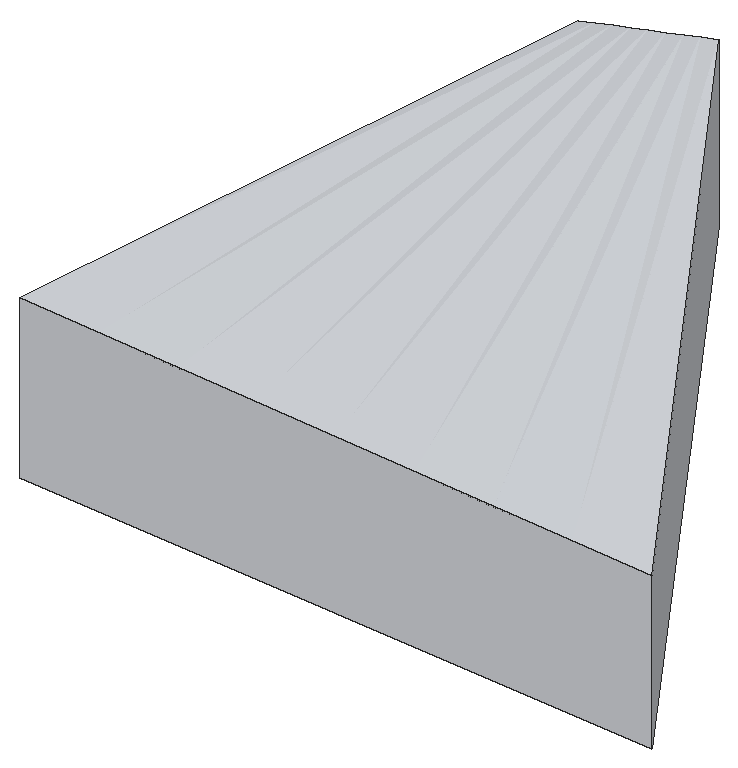
Revit family "常规模型地质块", category 常规模型, Revit 2016
Family settings
  零件类型 = 标准
  可将钢筋附着到主体 = 否
  圆形连接件大小 = 使用直径
  基于工作平面 = 否
  总是垂直 = 是
  加载时剪切的空心 = 否
  共享 = 否
  房间计算点 = 否
Parameters
  棱边左边高 [instance] = 444 mm
  棱边长度 [instance] = 420 mm
  棱边左底高 [instance] = 820 mm
  棱边左距 [instance] = 700 mm
  棱边垂距 [instance] = 1500 mm
  棱边右边高 [instance] = 500 mm
  棱边右底高 [instance] = 860 mm
  材质 [instance] = none
  左边高 [instance] = 480 mm
  左底高 [instance] = 540 mm
  孔号二 [instance] = ""
  孔号三 [instance] = ""
  孔号一 [instance] = ""
  右边高 [instance] = 460 mm
  右底高 [instance] = 480 mm
  F面左距 [instance] = 240 mm
  F面宽 [instance] = 1880 mm
Reference planes
  plane 1 "中心(前/后)": y = 0
  plane 2: z = 0
  plane 3 "中心(左/右)": x = 0
  plane 4: x = 2120
  plane 5: z = 540
  plane 6: z = 1020
  plane 7: z = 940
  plane 8: z = 480
  plane 9: x = 700
  plane 10: z = 820
  plane 11: z = 1264
  plane 12: y = 1500
  plane 13: x = 240
  plane 14: x = 1120
  plane 15: z = 1360
  plane 16: z = 860
Forms (mm)
  Blend 1, solid, material <- "材质"
    base sketch origin (0, 0, 0) x (1, 0, 0) y (0, 0, 1)
      loop
        line (240, 1020) -> (240, 540) -> (2120, 480) -> (2120, 940) -> (240, 1020)
    top sketch origin (-408.714, 1500, 1200) x (-1, 0, 0) y (0, 0, 1)
      loop
        line (-1528.714, 160) -> (-1528.714, -340) -> (-1108.714, -380) -> (-1108.714, 64) -> (-1528.714, 160)
    from 0 to 0
Dimensions and locks
  "左底高": plane 5 to level
  "右底高": plane 8 to level
  "棱边左距": plane 9 to plane 3 "中心(左/右)"
  "棱边左底高": plane 10 to level
  "棱边垂距": plane 12 to plane 1 "中心(前/后)"
  "F面左距": plane 13 to plane 3 "中心(左/右)"
  "F面宽": plane 4 to plane 13
  "棱边长度": plane 14 to plane 9
  "左边高": plane 6 to plane 5
  "棱边左边高": plane 11 to plane 10
  "右边高": plane 7 to plane 8
  "棱边右底高": plane 16 to level
  "棱边右边高": plane 15 to plane 16
  aligned and locked: level to plane 2
  aligned and locked: Blend 1 sketch curve to plane 4
  aligned and locked: plane 7 to Blend 1 sketch curve
  aligned and locked: plane 8 to Blend 1 sketch curve
  aligned and locked: Blend 1 sketch curve to plane 13
  aligned and locked: Blend 1 sketch curve to plane 6
  aligned and locked: Blend 1 sketch curve to plane 5
  aligned and locked: plane 15 to Blend 1 sketch curve
  aligned and locked: Blend 1 sketch curve to plane 11
  aligned and locked: plane 16 to Blend 1 sketch curve
  aligned and locked: Blend 1 sketch curve to plane 10
  aligned and locked: Blend 1 sketch curve to plane 9
  aligned and locked: Blend 1 sketch curve to plane 14
